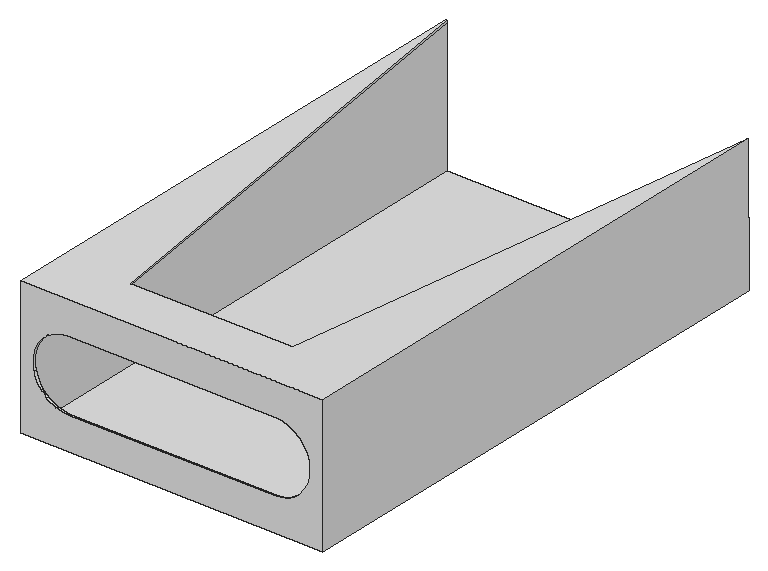
Revit family "PROOX Behind-the-mirror paper towel dispenser X-Large EN", category Furniture, host Face, Revit 2014
Parameters (values of type "ZERO")
  Offset [instance] = 0 mm
  URL = "http://www.proox.com/"
  Type Comments = "ZERO"
  Product webpage [instance] = "http://www.proox.com/EN/design-series/zero-behind-the-mirror/paper-dispenser-xl/"
  Product data sheet = "http://www.proox.com/fileadmin/dam/Download/Produktdatenbl%C3%A4tter/english/productspecifaction_ZE-111-XL.pdf"
  Model = "ZE-111-XL"
  Material = PROOX stainless steel satin finish
  Manufacturer = "PROOX Ltd."  # constant formula
  Keynote = ""
  EAN-No. = "9120050351325"
  Description = "Paper-towel dispenser for mounting behind the mirror XL"
  Default Elevation = 0 mm
  Cost = 145
  BIM objects producer = "www.BIMtelligent.eu"  # constant formula
  Specification = "Paper towel dispenser in stainless steel with Teflon® coating for behind-the-mirror fitting.The dispenser is designed with 2 paper brakes and fully formed withdrawal lip for extremely easy sheet by sheet removal. Capacity approx. 450 - 600 towels. Suitable for paper towels with a length of approx. 215-250mm and a folded width of approx. 95-120 mm. The dispenser can be attached directly to the wall or to the lift module ZE-117"
Reference planes
  plane 1 "Center (Front/Back)": y = 0
  plane 2: z = 0
  plane 3 "Center (Left/Right)": x = 0
  plane 4: x = -129
  plane 5: x = 129
  plane 6 "Aussen": z = 116
  plane 7 "Versatz": z = 0
  plane 8: y = 453
Forms (mm)
  Extrusion 1, solid, material "PROOX stainless steel satin finish" <- "Material", detail levels coarse
    sketch origin (0, 0, 0) x (1, 0, 0) y (0, 0, 1)
      loop
        line (-129, 0) -> (129, 0) -> (129, 116) -> (-129, 116) -> (-129, 0)
    from -453 to 0
  Extrusion 2, solid, material "PROOX stainless steel satin finish" <- "Material", detail levels medium+fine
    sketch origin (0, 0, 0) x (1, 0, 0) y (0, 0, 1)
      loop
        line (129, 116) -> (-129, 116) -> (-129, 0) -> (129, 0) -> (129, 116)
    from -453 to 0
  Extrusion 3, void
    sketch origin (0, 0, 0) x (1, 0, 0) y (0, 0, 1)
      loop
        line (127.8, 1.2) -> (127.8, 114.8) -> (-127.8, 114.8) -> (-127.8, 1.2) -> (127.8, 1.2)
    from -453 to -2
  Extrusion 4, void
    sketch origin (0, 0, 116) x (0, -1, 0) y (1, 0, 0)
      loop
        line (-43, -69) -> (-43, 69) -> (-453, 129) -> (-453, -127.8) -> (-43, -69)
    from -3 to 0
  Extrusion 5, void
    sketch origin (0, 0, 0) x (1, 0, 0) y (0, 0, 1)
      loop
        arc (-87.5, 88.5) -> (-118, 58) -> (-87.5, 27.5) r 30.5
        line (-87.5, 27.5) -> (87.5, 27.5)
        arc (87.5, 27.5) -> (118, 58) -> (87.5, 88.5) r 30.5
        line (87.5, 88.5) -> (-87.5, 88.5)
    from -3 to 0
Cuts and joins
  Extrusion 3, Extrusion 4, Extrusion 5 cuts Extrusion 2
Dimensions and locks
  equal spacing: plane 4, plane 3 "Center (Left/Right)", plane 5
  locked: plane 4 to plane 5 at 258
  locked: plane 7 "Versatz" to plane 6 "Aussen" at 116
  locked: plane 1 "Center (Front/Back)" to plane 8 at 453
  plane 1 "Center (Front/Back)" to Extrusion 4 sketch curve = 43 mm
  "Offset": plane 7 "Versatz" to plane 2
  locked: Extrusion 5 sketch curve to plane 7 "Versatz" at 27.5
  locked: plane 6 "Aussen" to Extrusion 5 sketch curve at 27.5
  radius of Extrusion 5 sketch curve = 30.5 mm  (x2)
  aligned and locked: plane 2 to host face
  aligned and locked: level to host face
  aligned and locked: Extrusion 1 sketch curve to plane 6 "Aussen"
  aligned and locked: plane 7 "Versatz" to Extrusion 1 sketch curve
  aligned and locked: Extrusion 1 sketch curve to plane 5
  aligned and locked: plane 4 to Extrusion 1 sketch curve
  aligned and locked: plane 1 "Center (Front/Back)" to Extrusion 1
  aligned and locked: plane 6 "Aussen" to Extrusion 2 sketch curve
  aligned and locked: plane 5 to Extrusion 2 sketch curve
  aligned and locked: Extrusion 2 sketch curve to plane 7 "Versatz"
  aligned and locked: Extrusion 2 sketch curve to plane 4
  aligned and locked: cut or joined group of Extrusion 2, Extrusion 3, Extrusion 4, Extrusion 5 to plane 8  (x2)
  aligned and locked: plane 1 "Center (Front/Back)" to cut or joined group of Extrusion 2, Extrusion 3, Extrusion 4, Extrusion 5
  aligned and locked: Extrusion 4 sketch curve to plane 8
  aligned and locked: cut or joined group of Extrusion 2, Extrusion 3, Extrusion 4, Extrusion 5 to Extrusion 4 sketch curve
  aligned and locked: Extrusion 1 to plane 8
Automatic sketch dimensions
  host sketch curve to host sketch curve = 2438.4 mm  (x2)
  plane 5 to Extrusion 3 sketch curve = 1.2 mm
  Extrusion 3 sketch curve to plane 7 "Versatz" = 1.2 mm
  plane 6 "Aussen" to Extrusion 3 sketch curve = 1.2 mm
  Extrusion 3 sketch curve to plane 4 = 1.2 mm
  Extrusion 4 sketch curve to plane 5 = 0 mm
  Extrusion 4 sketch curve to plane 4 = 60 mm
  plane 5 to Extrusion 4 sketch curve = 60 mm
  Extrusion 5 sketch curve to plane 4 = 41.5 mm
  plane 5 to Extrusion 5 sketch curve = 41.5 mm
